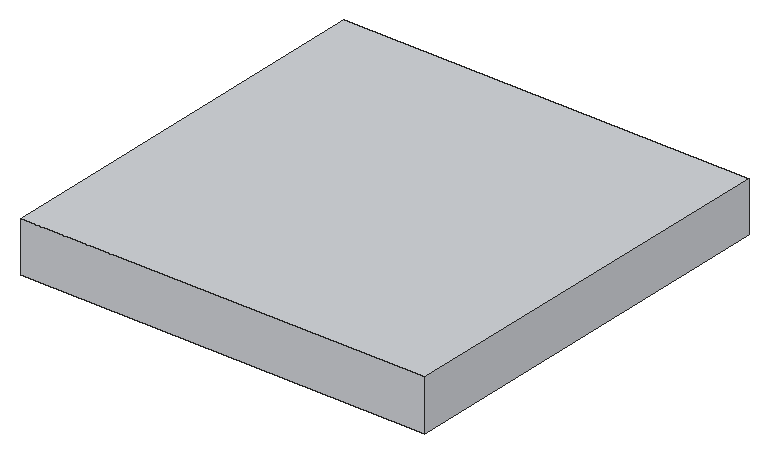
Revit family "C-76-EB_RFA", category Aparatos sanitarios, Revit 2023
Family settings
  Anfitrión = Cara
  Cota de conector redondo = Usar diámetro
  Tipo de pieza = Normal
  Número OmniClass = 23.45.00.00
  Título OmniClass = Sanitary, Laundry, and Cleaning Equipment
  Activar corte en vistas = No
  Corte con vacíos al cargar = No
  Mantener orientación de anotación = No
  Compartido = Sí
  Punto de cálculo de habitación = Sí
Parameters (values of type "C-76-EB")
  Ébano = "Ébano"
  URL = ""
  Type Image = C-76.png
  Cromo = "Cromo"
  Comentarios de tipo = "Juego de Manerales Cuadrados"
  Profundidad = 2.41"
  Operación = "Compatible con Valvex V con giro de 1/4 de vuelta.\r\nCompatible con Valvex I con giro de vuelta\r\ncompleta."
  Modelo = "C-76-EB"
  Fabricante = "HELVEX S.A. DE C.V."
  Largo = 2.50"
  Garantía = "El producto HELVEX está garantizado como\r\nlibre de defectos en materiales, mano de obra y\r\nprocesos de fabricación.\r\nEl producto HELVEX está garantizado,en lo que\r\nse refiere a los acabados, por 10 años para los\r\nacabados Cromo y Duravex, y por 2 años en\r\nacabados diferentes al Cromo y Duravex.\r\nLas piezas que sufren desgaste natural en el\r\nproducto están garantizadas para uso\r\nresidencial por 5 años, y para uso comercial por\r\n3 años.\r\nLa vigencia de la garantía inicia a partir de la\r\nfecha de entrega del producto al consumidor\r\nindicada en la Póliza de Garantía."
  Descripción = "Juego de manerales cuadrados para ensambles de\r\ntaladros separados para lavabo, bidet, fregadero y\r\nemsambles de empotrar de lavabo, regadera y/o\r\ntina."
  Elevación por defecto = 48.00"
  Ancho = 2.50"
  Accesorios = "Llave Allen 5/64\""
Reference planes (in)
  plane 1 "Center (Front/Back)": y = 0
  plane 2: z = 0
  plane 3 "Center (Left/Right)": x = 0
Forms (in)
  Extrusion 1, solid
    sketch origin (0, 0, 0) x (1, 0, 0) y (0, 1, 0)
      loop
        line (-48, 48) -> (-48, -48) -> (48, -48) -> (48, 48) -> (-48, 48)
    from 0 to -12
Dimensions and locks (in)
  aligned and locked: plane 2 to Extrusion 1
  aligned and locked: level to Extrusion 1
